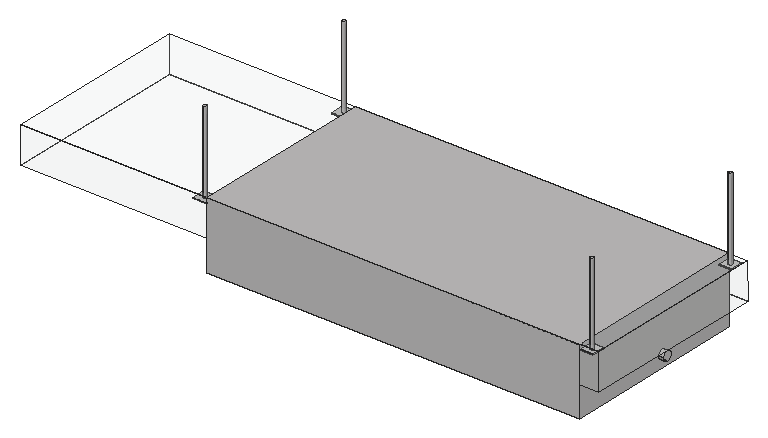
Revit family "Air_Conditioner-Mitsubishi_Electric-Ceiling_Concealed-Ducted-PEAD_Series", category Mechanical Equipment, Revit 2012
Parameters (values of type "42000 Btu/h")
  z Type = 12
  z Threaded Rod Length Desired [instance] = 12.000"
  z Threaded Rod Length Actual [instance] = if(z Threaded Rod Length Desired < 6.000", 6.000", z Threaded Rod Length Desired)  # 12.000"
  z Refrigerant 2 Z Axis [instance] = if(or(z Type = 1, z Type = 2, z Type = 3, z Type = 4, z Type = 13, z Type = 14, z Type = 15, z Type = 16), 4.031", 4.063")  # 4.063"
  z Refrigerant 2 Pipe X Axis [instance] = if(or(z Type = 1, z Type = 2, z Type = 3, z Type = 4, z Type = 13, z Type = 14, z Type = 15, z Type = 16), 7.375", 5.375")  # 5.375"
  z Refrigerant 1 Z Axis [instance] = if(or(z Type = 1, z Type = 2, z Type = 3, z Type = 4, z Type = 13, z Type = 14, z Type = 15, z Type = 16), 4.031", 6.125")  # 6.125"
  z Refrigerant 1 X Axis [instance] = if(or(z Type = 1, z Type = 2, z Type = 3, z Type = 4, z Type = 13, z Type = 14, z Type = 15, z Type = 16), 4.594", 7.375")  # 7.375"
  z PEAD Visibliity [instance] = not(z PEA Visibility)  # yes
  z PEA Visibility [instance] = or(z Type = 1, z Type = 2, z Type = 3, z Type = 4, z Type = 13, z Type = 14, z Type = 15, z Type = 16)  # no
  z Overall Width [instance] = if(z Type = 1, 40.906", if(z Type = 2, 48.781", 0.000"))  # 0.000"
  z Liquid Refrigerant [instance] = 0.125"  # constant formula
  z Gas Pipe [instance] = if(or(z Type = 1, z Type = 2), 0.188", if(or(z Type = 3, z Type = 4), 0.250", 0.250"))  # 0.250"
  z Duct Size [instance] = if(z Type = 1, 33.875", if(z Type = 2, 41.750", if(z Type = 3, 33.875", if(z Type = 4, 41.750", if(z Type = 5, 41.750", if(z Type = 6, 41.750", if(z Type = 7, 53.563", if(z Type = 8, 53.563", if(z Type = 9, 41.750", if(z Type = 10, 41.750", if(z Type = 11, 53.563", if(z Type = 12, 53.563", if(z Type = 13, 26.000", if(z Type = 14, 33.875", if(z Type = 15, 33.875", if(z Type = 16, 41.750", 0.000"))))))))))))))))  # 53.563"
  z Duct Height = if(or(z Type = 1, z Type = 2, z Type = 3, z Type = 4, z Type = 13, z Type = 14, z Type = 15, z Type = 16), 5.906", 7.906")  # 7.906"
  z Drain Top Left Z Axis [instance] = 1.906"  # constant formula
  z Drain Top Left X Axis [instance] = if(or(z Type = 1, z Type = 2, z Type = 3, z Type = 4, z Type = 13, z Type = 14, z Type = 15, z Type = 16), 10.656", 9.375")  # 9.375"
  z Drain Top Left Radius [instance] = 1.250" / 2  # 0.625"
  z Drain Bottom Right Z Axis [instance] = if(or(z Type = 1, z Type = 2, z Type = 3, z Type = 4, z Type = 13, z Type = 14, z Type = 15, z Type = 16), 6.281", 7.875")  # 7.875"
  z Drain Bottom Right X Axis [instance] = if(or(z Type = 1, z Type = 2, z Type = 3, z Type = 4, z Type = 13, z Type = 14, z Type = 15, z Type = 16), 13.594", 12.438")  # 12.438"
  z Drain Bottom Right Radius [instance] = 1.250" / 2  # 0.625"
  z Drain Bottom Left Z Axis [instance] = if(or(z Type = 1, z Type = 2, z Type = 3, z Type = 4, z Type = 13, z Type = 14, z Type = 15, z Type = 16), 6.719", 8.563")  # 8.563"
  z Drain Bottom Left X Axis [instance] = if(or(z Type = 1, z Type = 2, z Type = 3, z Type = 4, z Type = 13, z Type = 14, z Type = 15, z Type = 16), 10.656", 14.016")  # 14.016"
  z Drain Bottom Left Radius [instance] = 1.250" / 2  # 0.625"
  z Clip Width [instance] = if(z Type = 1, 39.313", if(z Type = 2, 47.188", if(z Type = 3, 39.313", if(z Type = 4, 47.188", if(z Type = 5, 47.250", if(z Type = 6, 47.250", if(z Type = 7, 59.063", if(z Type = 8, 59.063", if(z Type = 9, 47.250", if(z Type = 10, 47.250", if(z Type = 11, 59.063", if(z Type = 12, 59.063", if(z Type = 13, 31.438", if(z Type = 14, 39.313", if(z Type = 15, 39.313", if(z Type = 16, 47.188", 0.000"))))))))))))))))  # 59.063"
  Width = if(z Type = 1, 35.438", if(z Type = 2, 43.313", if(z Type = 3, 35.438", if(z Type = 4, 43.313", if(z Type = 5, 43.313", if(z Type = 6, 43.313", if(z Type = 7, 55.125", if(z Type = 8, 55.125", if(z Type = 9, 43.313", if(z Type = 10, 43.313", if(z Type = 11, 55.125", if(z Type = 12, 55.125", if(z Type = 13, 27.563", if(z Type = 14, 35.438", if(z Type = 15, 35.438", if(z Type = 16, 43.313", 0.000"))))))))))))))))  # 55.125"
  Weight [instance] = if(z Type = 1, 48.00 lbf, if(z Type = 2, 62.00 lbf, if(z Type = 3, 48.00 lbf, if(z Type = 4, 62.00 lbf, if(z Type = 5, 73.00 lbf, if(z Type = 6, 73.00 lbf, if(z Type = 7, 91.00 lbf, if(z Type = 8, 95.00 lbf, if(z Type = 9, 73.00 lbf, if(z Type = 10, 73.00 lbf, if(z Type = 11, 91.00 lbf, if(z Type = 12, 95.00 lbf, if(z Type = 13, 42.00 lbf, if(z Type = 14, 50.00 lbf, if(z Type = 15, 54.00 lbf, if(z Type = 16, 62.00 lbf, 0.00 lbf))))))))))))))))  # 95.00 lbf
  Voltage = 230 V  # constant formula
  URL = "http://www.mitsubishipro.com"
  Total Heating Capacity = if(z Type = 1, 0 VA, if(z Type = 2, 0 VA, if(z Type = 3, 0 VA, if(z Type = 4, 5568.35 VA, if(z Type = 5, 0 VA, if(z Type = 6, 0 VA, if(z Type = 7, 0 VA, if(z Type = 8, 0 VA, if(z Type = 9, 7619.85 VA, if(z Type = 10, 9378.27 VA, if(z Type = 11, 10843.6 VA, if(z Type = 12, 13188.2 VA, if(z Type = 13, 3194.47 VA, if(z Type = 14, 3985.77 VA, if(z Type = 15, 527.53 VA, if(z Type = 16, 6330.34 VA, 0 VA))))))))))))))))  # 45000.0 Btu/h
  Total Cooling Capacity = if(z Type = 1, 3516.85 VA, if(z Type = 2, 5275.28 VA, if(z Type = 3, 3516.85 VA, if(z Type = 4, 5275.28 VA, if(z Type = 5, 7033.71 VA, if(z Type = 6, 8792.13 VA, if(z Type = 7, 10257.5 VA, if(z Type = 8, 12309 VA, if(z Type = 9, 7033.71 VA, if(z Type = 10, 8792.13 VA, if(z Type = 11, 10257.5 VA, if(z Type = 12, 12309 VA, if(z Type = 13, 2373.88 VA, if(z Type = 14, 3370.32 VA, if(z Type = 15, 4132.3 VA, if(z Type = 16, 5040.82 VA, 0 VA))))))))))))))))  # 42000.0 Btu/h
  Sound Pressure Level = if(z Type = 1, 33, if(z Type = 2, 38, if(z Type = 3, 33, if(z Type = 4, 38, if(z Type = 5, 37, if(z Type = 6, 39, if(z Type = 7, 42, if(z Type = 8, 44, if(z Type = 9, 37, if(z Type = 10, 39, if(z Type = 11, 44, if(z Type = 12, 42, if(z Type = 13, 30, if(z Type = 14, 33, if(z Type = 15, 37, if(z Type = 16, 38, 0))))))))))))))))  # 42
  Provide Feedback = "https://www.surveymonkey.com/s/ZNF8NG2"
  Product Page URL = "http://usa.mylinkdrive.com/m/PEAD-A42AA4"
  Product Material = Steel - Mitsubishi - Galvanized
  Threaded Rod Length [instance] = z Threaded Rod Length Actual * 4  # 48.000"
  Product Documentation Link = "http://usa.mylinkdrive.com/uploads/documents/3976/document/PEAD-A42AA4_PUZ-A42NHA5_(-BS)_Submittal-GOLD.pdf"
  Power Factor = 1
  Part Number [instance] = Model  # "PEAD-A42AA4"
  Part Description = Description  # "Mitsubishi Electric 42000 Btu/h, Ceiling Concealed-Ducted, PEAD Series Air Conditioner"
  Original Creation Date = "September 18, 2013"  # constant formula
  Model Disclaimer = "For More Information, Contact Mitsubishi Electric"  # constant formula
  Model = if(z Type = 1, "PEA-A12AA4", if(z Type = 2, "PEA-A18AA4", if(z Type = 3, "PEA-A12AA4", if(z Type = 4, "PEA-A18AA4", if(z Type = 5, "PEAD-A24AA4", if(z Type = 6, "PEAD-A30AA4", if(z Type = 7, "PEAD-A36AA4", if(z Type = 8, "PEAD-A42AA4", if(z Type = 9, "PEAD-A24AA4", if(z Type = 10, "PEAD-A30AA4", if(z Type = 11, "PEAD-A36AA4", if(z Type = 12, "PEAD-A42AA4", if(z Type = 13, "SEZ-KD09AA4", if(z Type = 14, "SEZ-KD12AA4", if(z Type = 15, "SEZ-KD15AA4", if(z Type = 16, "SEZ-KD18AA4", "Not Available"))))))))))))))))  # "PEAD-A42AA4"
  Minimum Circuit Ampacity = if(z Type = 1, 1 A, if(z Type = 2, 2 A, if(z Type = 3, 1 A, if(z Type = 4, 2 A, if(z Type = 5, 2.63 A, if(z Type = 6, 2.73 A, if(z Type = 7, 3.3 A, if(z Type = 8, 3.5 A, if(z Type = 9, 2.63 A, if(z Type = 10, 2.73 A, if(z Type = 11, 3.5 A, if(z Type = 12, 3.3 A, if(z Type = 13, 1 A, if(z Type = 14, 1 A, if(z Type = 15, 1 A, if(z Type = 16, 1 A, 0 A))))))))))))))))  # 3.3 A
  Maximum Overcurrent Protection = if(z Type = 1, 15 A, if(z Type = 2, 15 A, if(z Type = 3, 15 A, if(z Type = 4, 15 A, if(z Type = 5, 25 A, if(z Type = 6, 30 A, if(z Type = 7, 30 A, if(z Type = 8, 30 A, if(z Type = 9, 25 A, if(z Type = 10, 30 A, if(z Type = 11, 30 A, if(z Type = 12, 30 A, if(z Type = 13, 15 A, if(z Type = 14, 15 A, if(z Type = 15, 15 A, if(z Type = 16, 15 A, 0 A))))))))))))))))  # 30 A
  Manufacturer = "Mitsubishi Electric"  # constant formula
  Load Classification = none
  Length = if(or(z Type = 1, z Type = 2, z Type = 3, z Type = 4, z Type = 13, z Type = 14, z Type = 15, z Type = 16), 7.825", 9.825")  # 9.825"
  Height = if(or(z Type = 1, z Type = 2, z Type = 3, z Type = 4, z Type = 13, z Type = 14, z Type = 15, z Type = 16), 26.657", 27.563")  # 27.563"
  Has Clearance Area [instance] = yes
  Frequency = 60 Hz  # constant formula
  Family Version = "1.0.0"  # constant formula
  Equipment Number [instance] = ""
  Equipment Abbreviation = "AC"
  Description = if(z Type = 1, "Mitsubishi Electric 12000 Btu/h, Ceiling Concealed-Ducted, PEA Series Air Conditioner", if(z Type = 2, "Mitsubishi Electric 18000 Btu/h, Ceiling Concealed-Ducted, PEA Series Air Conditioner", if(z Type = 3, "Mitsubishi Electric 12000 Btu/h, Ceiling Concealed-Ducted, PEA Series Air Conditioner", if(z Type = 4, "Mitsubishi Electric 18000 Btu/h, Ceiling Concealed-Ducted, PEA Series Air Conditioner", if(z Type = 5, "Mitsubishi Electric 24000 Btu/h, Ceiling Concealed-Ducted, PEAD Series Air Conditioner", if(z Type = 6, "Mitsubishi Electric 30000 Btu/h, Ceiling Concealed-Ducted, PEAD Series Air Conditioner", if(z Type = 7, "Mitsubishi Electric 35000 Btu/h, Ceiling Concealed-Ducted, PEAD Series Air Conditioner", if(z Type = 8, "Mitsubishi Electric 42000 Btu/h, Ceiling Concealed-Ducted, PEAD Series Air Conditioner", if(z Type = 9, "Mitsubishi Electric 24000 Btu/h, Ceiling Concealed-Ducted, PEAD Series Air Conditioner", if(z Type = 10, "Mitsubishi Electric 30000 Btu/h, Ceiling Concealed-Ducted, PEAD Series Air Conditioner", if(z Type = 11, "Mitsubishi Electric 35000 Btu/h, Ceiling Concealed-Ducted, PEAD Series Air Conditioner", if(z Type = 12, "Mitsubishi Electric 42000 Btu/h, Ceiling Concealed-Ducted, PEAD Series Air Conditioner", if(z Type = 13, "Mitsubishi Electric 8100 Btu/h, Ceiling Concealed-Ducted, SEZ Series Air Conditioner", if(z Type = 14, "Mitsubishi Electric 11500 Btu/h, Ceiling Concealed-Ducted, SEZ Series Air Conditioner", if(z Type = 15, "Mitsubishi Electric 14100 Btu/h, Ceiling Concealed-Ducted, SEZ Series Air Conditioner", if(z Type = 16, "Mitsubishi Electric 17200 Btu/h, Ceiling Concealed-Ducted, SEZ Series Air Conditioner", "Not Available"))))))))))))))))  # "Mitsubishi Electric 42000 Btu/h, Ceiling Concealed-Ducted, PEAD Series Air Conditioner"
  Date Last Modified = "September 18, 2013"  # constant formula
  Copyright = "Copyright © 2013 Mitsubishi Electric"  # constant formula
  Apparent Load = Voltage * Minimum Circuit Ampacity  # 759 VA
Types (5): name | z Type | z Duct Size | z Clip Width | Width | Weight | Total Heating Capacity | Total Cooling Capacity | Sound Pressure Level | Product Page URL | Product Documentation Link | Part Number | Part Description | Model | Minimum Circuit Ampacity | Maximum Overcurrent Protection | Description | Apparent Load
  (no name) | 12 | 53.563" | 59.063" | 55.125" | 95.00 lbf | 45000.0 Btu/h | 42000.0 Btu/h | 42 | "http://usa.mylinkdrive.com/m/PEAD-A42AA4" | "http://usa.mylinkdrive.com/uploads/documents/3976/document/PEAD-A42AA4_PUZ-A42NHA5_(-BS)_Submittal-GOLD.pdf" | "PEAD-A42AA4" | "Mitsubishi Electric 42000 Btu/h, Ceiling Concealed-Ducted, PEAD Series Air Conditioner" | "PEAD-A42AA4" | 3.3 A | 30 A | "Mitsubishi Electric 42000 Btu/h, Ceiling Concealed-Ducted, PEAD Series Air Conditioner" | 759 VA
  24000 Btu/h | 9 | 41.750" | 47.250" | 43.313" | 73.00 lbf | 26000.0 Btu/h | 24000.0 Btu/h | 37 | "http://usa.mylinkdrive.com/m/PEAD-A24AA4" | "http://usa.mylinkdrive.com/uploads/documents/500/document/PEAD-A24AA4_PUY-A24NHA4_(-BS)_Submittal-GOLD.pdf" | "PEAD-A24AA4" | "Mitsubishi Electric 24000 Btu/h, Ceiling Concealed-Ducted, PEAD Series Air Conditioner" | "PEAD-A24AA4" | 2.63 A | 25 A | "Mitsubishi Electric 24000 Btu/h, Ceiling Concealed-Ducted, PEAD Series Air Conditioner" | 604.9 VA
  30000 Btu/h | 10 | 41.750" | 47.250" | 43.313" | 73.00 lbf | 32000.0 Btu/h | 30000.0 Btu/h | 39 | "http://usa.mylinkdrive.com/m/PEAD-A30AA4" | "http://usa.mylinkdrive.com/uploads/documents/1672/document/PEAD-A30AA4_PUY-A30NHA4_(-BS)_Submittal-GOLD.pdf" | "PEAD-A30AA4" | "Mitsubishi Electric 30000 Btu/h, Ceiling Concealed-Ducted, PEAD Series Air Conditioner" | "PEAD-A30AA4" | 2.73 A | 30 A | "Mitsubishi Electric 30000 Btu/h, Ceiling Concealed-Ducted, PEAD Series Air Conditioner" | 627.9 VA
  36000 Btu/h | 11 | 53.563" | 59.063" | 55.125" | 91.00 lbf | 37000.0 Btu/h | 35000.0 Btu/h | 44 | "http://usa.mylinkdrive.com/m/PEAD-A36AA4" | "http://usa.mylinkdrive.com/uploads/documents/1676/document/PEAD-A36AA4_PUY-A36NHA4_(-BS)_Submittal-GOLD.pdf" | "PEAD-A36AA4" | "Mitsubishi Electric 35000 Btu/h, Ceiling Concealed-Ducted, PEAD Series Air Conditioner" | "PEAD-A36AA4" | 3.5 A | 30 A | "Mitsubishi Electric 35000 Btu/h, Ceiling Concealed-Ducted, PEAD Series Air Conditioner" | 805 VA
  42000 Btu/h | 12 | 53.563" | 59.063" | 55.125" | 95.00 lbf | 45000.0 Btu/h | 42000.0 Btu/h | 42 | "http://usa.mylinkdrive.com/m/PEAD-A42AA4" | "http://usa.mylinkdrive.com/uploads/documents/3976/document/PEAD-A42AA4_PUZ-A42NHA5_(-BS)_Submittal-GOLD.pdf" | "PEAD-A42AA4" | "Mitsubishi Electric 42000 Btu/h, Ceiling Concealed-Ducted, PEAD Series Air Conditioner" | "PEAD-A42AA4" | 3.3 A | 30 A | "Mitsubishi Electric 42000 Btu/h, Ceiling Concealed-Ducted, PEAD Series Air Conditioner" | 759 VA
Reference planes (in)
  plane 1 "Center (Front/Back)": y = 0
  plane 2: z = 0
  plane 3 "Center (Left/Right)": x = 0
  plane 4 "Bottom of Unit": z = 0.8125
  plane 5 "Top of Unit": z = 10.6375
  plane 6 "Unit Left": x = -27.5625
  plane 7 "Unit Right": x = 27.5625
  plane 8 "Unit Back": y = 13.7815
  plane 9 "Unit Front": y = -13.7815
  plane 10: y = 11.8127
  plane 11: y = -11.8125
  plane 12: x = -29.5315
  plane 13: x = 29.5315
  plane 14: x = -33.03125
  plane 15: y = 0.9055
  plane 16 "Circuit Box Front": y = -10.9855
  plane 17: x = -55.08075
  plane 18 "Bracket Top": z = 10.0469
  plane 19 "Bracket Bottom": z = 9.9219
  plane 20 "Back Lip": y = 14.68775
  plane 21: x = 26.7815
  plane 22: x = 26.6565
  plane 23: x = -26.7815
  plane 24: x = -26.6565
  plane 25: z = 1.772
  plane 26: z = 1.897
  plane 27: z = 9.678
  plane 28: z = 9.553
  plane 29: x = -28.5625
  plane 30: x = -28.4475
  plane 31: x = 28.4475
  plane 32 "Pole Center Vertical 1": x = -28.56275
  plane 33 "Pole Center Vertical 2": x = 28.56275
  plane 34 "Pole Center Horizontal 2": y = -12.797
  plane 35 "Pole Center Horizonatal 1": y = 12.7971
  plane 36: z = 0
  plane 37: x = 30.4475
  plane 38: y = 8.6565
  plane 39: y = 8.1565
  plane 40: y = 6.5315
  plane 41: y = 6.2815
  plane 42: y = 8.4065
  plane 43: y = 6.4065
  plane 44: y = 5.0315
  plane 45: y = 3.7815
  plane 46: y = 4.4065
  plane 47: y = 0.3905
  plane 48: y = -0.8595
  plane 49: y = -0.2345
  plane 50: y = 0.7185
  plane 51: y = 1.9685
  plane 52: y = 1.3435
  plane 53: z = 22.0469
Forms (in)
  Extrusion 1, solid, material "Steel - Mitsubishi - Galvanized" <- "Product Material"
    sketch origin (0, 0, 0.8125) x (0, 1, 0) y (-1, 0, 0)
      loop
        line (13.7815, 27.5625) -> (-13.7815, 27.5625) -> (-13.7815, -27.5625) -> (13.7815, -27.5625) -> (13.7815, 27.5625)
    from 0 to 9.825
  Extrusion 2, solid, material "Steel - Mitsubishi - Galvanized" <- "Product Material"
    sketch origin (0, 0, 9.9219) x (0, 1, 0) y (-1, 0, 0)
      loop
        line (11.8127, -29.5315) -> (13.7815, -29.5315) -> (13.7815, -27.5625) -> (11.8127, -27.5625) -> (11.8127, -29.5315)
      loop
        line (-11.8125, -29.5315) -> (-11.8125, -27.5625) -> (-13.7815, -27.5625) -> (-13.7815, -29.5315) -> (-11.8125, -29.5315)
      loop
        line (11.8127, 29.5315) -> (11.8127, 27.5625) -> (13.7815, 27.5625) -> (13.7815, 29.5315) -> (11.8127, 29.5315)
      loop
        line (-11.8125, 29.5315) -> (-13.7815, 29.5315) -> (-13.7815, 27.5625) -> (-11.8125, 27.5625) -> (-11.8125, 29.5315)
    from 0 to 0.125
  Extrusion 3, solid, material "Steel - Mitsubishi - Galvanized" <- "Product Material", visible <- "z PEA Visibility", detail levels medium+fine
    sketch origin (0, 0, 0.8125) x (0, 1, 0) y (-1, 0, 0)
      loop
        line (0.9055, 33.03125) -> (-10.9855, 33.03125) -> (-10.9855, 27.5625) -> (0.9055, 27.5625) -> (0.9055, 33.03125)
    from 0 to 9.825
  Extrusion 4, solid, material "Clearance Areas", visible <- "Has Clearance Area"
    sketch origin (0.0364, -0.0618, 6) x (0, 1, 0) y (-1, 0, 0)
      loop
        line (-13.7197, -30.4111) -> (13.8433, -30.4111) -> (13.8433, 55.11715) -> (-13.7197, 55.11715) -> (-13.7197, -30.4111)
    from -0.8125 to 4.6375
  Extrusion 5, solid, material "Steel - Mitsubishi - Galvanized" <- "Product Material"
    sketch origin (-27.5625, 0, -0.0506) x (0, 1, 0) y (0, 0, 1)
      loop
        circle (8.4065, 6.6251) r 0.25
    from 0 to -0.885
  Extrusion 6, solid, material "Steel - Mitsubishi - Galvanized" <- "Product Material"
    sketch origin (-27.5625, -2.7585, -0.0506) x (0, 1, 0) y (0, 0, 1)
      loop
        circle (9.165, 4.5631) r 0.125
    from 0 to -0.885
  Extrusion 7, solid, material "Steel - Mitsubishi - Galvanized" <- "Product Material"
    sketch origin (-27.5625, 0, 0) x (0, 1, 0) y (0, 0, 1)
      loop
        circle (-0.2345, 2.0745) r 0.625
    from 0 to -1
  Extrusion 8, solid, material "Steel - Mitsubishi - Galvanized" <- "Product Material"
    sketch origin (27.5625, 0, 0) x (0, 1, 0) y (0, 0, 1)
      loop
        circle (1.3435, 2.7625) r 0.625
    from 0 to 0.885
  Extrusion 9, solid, material "Steel - Mitsubishi - Galvanized" <- "Product Material"
    sketch origin (-27.5625, 0, 0) x (0, 1, 0) y (0, 0, 1)
      loop
        circle (4.4065, 8.7315) r 0.625
    from 0 to -1
  Extrusion 10, solid, material "Steel - Mitsubishi - Galvanized" <- "Product Material", detail levels fine
    sketch origin (0, 14.68775, 0) x (1, 0, 0) y (0, 0, 1)
      loop
        line (26.7815, 9.678) -> (-26.7815, 9.678) -> (-26.7815, 1.772) -> (26.7815, 1.772) -> (26.7815, 9.678)
    from 0 to 0.90625
  Extrusion 11, solid, material "Steel - Mitsubishi - Galvanized" <- "Product Material"
    sketch origin (0, 0, 10.0469) x (0, 1, 0) y (-1, 0, 0)
      loop
        circle (12.7971, 28.56275) r 0.25
      loop
        circle (12.7971, -28.56275) r 0.25
      loop
        circle (-12.797, -28.56275) r 0.25
      loop
        circle (-12.797, 28.56275) r 0.25
    from -0.125 to 12
Lines and regions (in)
  Masking region 1
    outline origin (0, 0, 0.8125) x (0, 1, 0) y (-1, 0, 0)
      loop
        line (13.7815, 27.5625) -> (-13.7815, 27.5625) -> (-13.7815, -27.5625) -> (13.7815, -27.5625) -> (13.7815, 27.5625)
  Masking region 2
    outline origin (0, 0, 0.8125) x (0, 1, 0) y (-1, 0, 0)
      loop
        line (-11.8125, 29.5315) -> (-13.7815, 29.5315) -> (-13.7815, 27.5625) -> (-11.8125, 27.5625) -> (-11.8125, 29.5315)
      loop
        line (13.7815, 29.5315) -> (11.8127, 29.5315) -> (11.8127, 27.5625) -> (13.7815, 27.5625) -> (13.7815, 29.5315)
      loop
        line (13.7815, -27.5625) -> (11.8127, -27.5625) -> (11.8127, -29.5315) -> (13.7815, -29.5315) -> (13.7815, -27.5625)
      loop
        line (-11.8125, -27.5625) -> (-13.7815, -27.5625) -> (-13.7815, -29.5315) -> (-11.8125, -29.5315) -> (-11.8125, -27.5625)
  Masking region 3, visible <- "z PEA Visibility"
    outline origin (0, 0, 0.8125) x (0, 1, 0) y (-1, 0, 0)
      loop
        line (0.9055, 33.03125) -> (-10.9855, 33.03125) -> (-10.9855, 27.5625) -> (0.9055, 27.5625) -> (0.9055, 33.03125)
  Masking region 4
    outline origin (0, 0, 0.8125) x (0, 1, 0) y (-1, 0, 0)
      loop
        line (-0.8595, 28.5625) -> (-0.8595, 27.5625) -> (0.3905, 27.5625) -> (0.3905, 28.5625) -> (-0.8595, 28.5625)
      loop
        line (6.2815, 28.4475) -> (6.2815, 27.5625) -> (6.5315, 27.5625) -> (6.5315, 28.4475) -> (6.2815, 28.4475)
      loop
        line (8.1565, 28.4475) -> (8.1565, 27.5625) -> (8.6565, 27.5625) -> (8.6565, 28.4475) -> (8.1565, 28.4475)
      loop
        line (0.7185, -28.4475) -> (1.9685, -28.4475) -> (1.9685, -27.5625) -> (0.7185, -27.5625) -> (0.7185, -28.4475)
  Masking region 5
    outline origin (0, 0, 0.8125) x (0, 1, 0) y (-1, 0, 0)
      loop
        line (5.0315, 28.5625) -> (3.7815, 28.5625) -> (3.7815, 27.5625) -> (5.0315, 27.5625) -> (5.0315, 28.5625)
  model lines, detail levels fine
    curve 1: line (-26.7745, -13.7815, 1.6245) -> (-26.7745, -13.7815, 9.825)
    curve 2: line (26.7744, -13.7815, 9.825) -> (-26.7745, -13.7815, 9.825)
    curve 3: line (-26.7745, -13.7815, 1.6245) -> (26.7744, -13.7815, 1.6245)
    curve 4: line (26.7744, -13.7815, 1.6245) -> (26.7744, -13.7815, 9.825)
  model lines, visible <- "z PEA Visibility", detail levels fine
    curve 5: circle (-29.3745, -10.9855, 3.9917) r 0.547 normal (0, 1, 0)
    curve 6: circle (-29.3745, -10.9855, 1.4917) r 0.547 normal (0, 1, 0)
  reference lines
    curve 7: line (-29.06275, 12.7971, 22.0469) -> (-28.03125, 12.7971, 22.0469)
    curve 8: line (-29.06275, -12.797, 22.0469) -> (-28.03125, -12.797, 22.0469)
    curve 9: line (28.03075, 12.7971, 22.0469) -> (29.06225, 12.7971, 22.0469)
    curve 10: line (28.03075, -12.797, 22.0469) -> (29.06225, -12.797, 22.0469)
  model lines, visible <- "z PEAD Visibliity"
    curve 11: circle (27.5625, -7.719, 5.2625) r 2.46875 normal (1, 0, 0)
  symbolic lines, style "Clearance Areas", visible <- "Has Clearance Area"
    curve 12: line (30.4475, -13.7815, 0.8125) -> (-55.08075, -13.7815, 0.8125)
    curve 13: line (30.4475, 13.7815, 0.8125) -> (30.4475, -13.7815, 0.8125)
    curve 14: line (-55.08075, 13.7815, 0.8125) -> (30.4475, 13.7815, 0.8125)
    curve 15: line (-55.08075, -13.7815, 0.8125) -> (-55.08075, 13.7815, 0.8125)
  symbolic lines, style "Clearance Area", visible <- "Has Clearance Area"
    curve 16: line (-55.08075, -10.9855, 10.6375) -> (30.4475, -10.9855, 10.6375)
    curve 17: line (-55.08075, -10.9855, 0) -> (-55.08075, -10.9855, 10.6375)
    curve 18: line (30.4475, -10.9855, 0) -> (-55.08075, -10.9855, 0)
    curve 19: line (30.4475, -10.9855, 10.6375) -> (30.4475, -10.9855, 0)
    curve 20: line (27.5625, -13.7815, 10.6375) -> (27.5625, 14.68775, 10.6375)
    curve 21: line (27.5625, -13.7815, 0) -> (27.5625, -13.7815, 10.6375)
    curve 22: line (27.5625, 14.68775, 0) -> (27.5625, -13.7815, 0)
    curve 23: line (27.5625, 14.68775, 10.6375) -> (27.5625, 14.68775, 0)
Dimensions and locks (in)
  equal spacing: plane 8 "Unit Back", plane 1 "Center (Front/Back)", plane 9 "Unit Front"
  "Height": plane 8 "Unit Back" to plane 9 "Unit Front"
  equal spacing: plane 6 "Unit Left", plane 3 "Center (Left/Right)", plane 7 "Unit Right"
  "Width": plane 6 "Unit Left" to plane 7 "Unit Right"
  locked: plane 11 to plane 9 "Unit Front" at 1.969
  locked: plane 8 "Unit Back" to plane 10 at 1.9688
  locked: plane 20 "Back Lip" to plane 8 "Unit Back" at 0.90625
  locked: plane 23 to plane 24 at 0.125
  locked: plane 22 to plane 21 at 0.125
  "z Duct Size": plane 23 to plane 21
  equal spacing: plane 23, plane 3 "Center (Left/Right)", plane 21
  equal spacing: plane 12, plane 3 "Center (Left/Right)", plane 13
  "z Clip Width": plane 12 to plane 13
  plane 29 to plane 30 to plane 6 "Unit Left" = 0.115" locked, 0.885" locked
  locked: plane 7 "Unit Right" to plane 31 at 0.885
  plane 12 to plane 6 "Unit Left" = 1.969"
  locked: plane 17 to plane 14 at 22.0495
  "z Drain Bottom Left X Axis": plane 8 "Unit Back" to Extrusion 7 sketch curve
  "z Drain Top Left X Axis": plane 8 "Unit Back" to Extrusion 9 sketch curve
  "z Refrigerant 1 X Axis": plane 8 "Unit Back" to Extrusion 6 sketch curve
  locked: plane 12 to plane 32 "Pole Center Vertical 1" at 0.96875
  locked: plane 33 "Pole Center Vertical 2" to plane 13 at 0.96875
  "z Threaded Rod Length Desired": curve 10 to plane 18 "Bracket Top"
  "z Threaded Rod Length Desired": curve 9 to plane 18 "Bracket Top"
  "z Threaded Rod Length Desired": curve 8 to plane 18 "Bracket Top"
  "z Threaded Rod Length Desired": curve 7 to plane 18 "Bracket Top"
  locked: plane 14 to plane 6 "Unit Left" at 5.46875
  plane 26 to plane 25 to plane 4 "Bottom of Unit" = 0.125" locked, 0.9595" locked
  locked: plane 27 to plane 28 at 0.125
  locked: plane 19 "Bracket Bottom" to plane 27 at 0.2439
  locked: plane 18 "Bracket Top" to plane 19 "Bracket Bottom" at 0.125
  locked: plane 5 "Top of Unit" to plane 18 "Bracket Top" at 0.5906
  "Length": plane 5 "Top of Unit" to plane 4 "Bottom of Unit"
  locked: plane 35 "Pole Center Horizonatal 1" to plane 10 at 0.9844
  locked: plane 11 to plane 34 "Pole Center Horizontal 2" at 0.9845
  "z Refrigerant 2 Pipe X Axis": plane 8 "Unit Back" to Extrusion 5 sketch curve
  "z Refrigerant 2 Z Axis": plane 5 "Top of Unit" to Extrusion 5 sketch curve
  "z Refrigerant 1 Z Axis": plane 5 "Top of Unit" to Extrusion 6 sketch curve
  "z Drain Top Left Z Axis": plane 5 "Top of Unit" to Extrusion 9 sketch curve
  "z Drain Bottom Left Z Axis": plane 5 "Top of Unit" to Extrusion 7 sketch curve
  "z Drain Bottom Right X Axis": Extrusion 8 sketch curve to plane 8 "Unit Back"
  "z Drain Bottom Right Z Axis": plane 5 "Top of Unit" to Extrusion 8 sketch curve
  plane 25 to plane 27 = 7.906"
  locked: plane 4 "Bottom of Unit" to plane 36 at 0.8125
  locked: plane 31 to plane 37 at 2
  equal spacing: plane 38, plane 42, plane 39
  equal spacing: plane 40, plane 43, plane 41
  equal spacing: plane 44, plane 46, plane 45
  equal spacing: plane 47, plane 49, plane 48
  "z Refrigerant 2 Pipe X Axis": plane 8 "Unit Back" to plane 42
  "z Refrigerant 1 X Axis": plane 8 "Unit Back" to plane 43
  "z Drain Bottom Left X Axis": plane 8 "Unit Back" to plane 49
  "z Drain Bottom Left Radius": plane 49 to plane 48
  "z Drain Top Left Radius": plane 46 to plane 45
  "z Liquid Refrigerant": plane 43 to plane 41
  "z Gas Pipe": plane 42 to plane 39
  equal spacing: plane 50, plane 52, plane 51
  "z Drain Bottom Right Radius": plane 50 to plane 52
  "z Drain Bottom Right X Axis": plane 52 to plane 8 "Unit Back"
  locked: plane 9 "Unit Front" to curve 11 at 6.0625
  locked: plane 5 "Top of Unit" to curve 11 at 5.375
  "z Drain Top Left X Axis": plane 8 "Unit Back" to plane 46
  "z Threaded Rod Length Actual": plane 53 to plane 18 "Bracket Top"
  "z Gas Pipe": radius of Extrusion 5 sketch curve
  "z Liquid Refrigerant": radius of Extrusion 6 sketch curve
  "z Drain Top Left Radius": radius of Extrusion 9 sketch curve
  "z Drain Bottom Left Radius": radius of Extrusion 7 sketch curve
  "z Drain Bottom Right Radius": radius of Extrusion 8 sketch curve
  aligned and locked: plane 2 to level
  aligned and locked: Extrusion 1 sketch curve to plane 8 "Unit Back"
  aligned and locked: plane 6 "Unit Left" to Extrusion 1 sketch curve
  aligned and locked: plane 9 "Unit Front" to Extrusion 1 sketch curve
  aligned and locked: Extrusion 1 sketch curve to plane 7 "Unit Right"
  aligned and locked: plane 5 "Top of Unit" to Extrusion 1
  aligned and locked: Extrusion 1 to plane 4 "Bottom of Unit"
  aligned and locked: plane 9 "Unit Front" to Extrusion 2 sketch curve
  aligned and locked: plane 12 to Extrusion 2 sketch curve
  aligned and locked: Extrusion 2 sketch curve to plane 11
  aligned and locked: Extrusion 2 sketch curve to plane 6 "Unit Left"
  aligned and locked: plane 13 to Extrusion 2 sketch curve
  aligned and locked: Extrusion 2 sketch curve to plane 9 "Unit Front"
  aligned and locked: Extrusion 2 sketch curve to plane 7 "Unit Right"
  aligned and locked: plane 11 to Extrusion 2 sketch curve
  aligned and locked: Extrusion 2 sketch curve to plane 8 "Unit Back"
  aligned and locked: Extrusion 2 sketch curve to plane 13
  aligned and locked: plane 10 to Extrusion 2 sketch curve
  aligned and locked: plane 7 "Unit Right" to Extrusion 2 sketch curve
  aligned and locked: Extrusion 2 sketch curve to plane 12
  aligned and locked: plane 8 "Unit Back" to Extrusion 2 sketch curve
  aligned and locked: plane 6 "Unit Left" to Extrusion 2 sketch curve
  aligned and locked: Extrusion 2 sketch curve to plane 10
  aligned and locked: Extrusion 3 sketch curve to plane 15
  aligned and locked: plane 14 to Extrusion 3 sketch curve
  aligned and locked: plane 16 "Circuit Box Front" to Extrusion 3 sketch curve
  aligned and locked: Extrusion 3 sketch curve to plane 6 "Unit Left"
  aligned and locked: plane 5 "Top of Unit" to Extrusion 3
  aligned and locked: Extrusion 3 to plane 4 "Bottom of Unit"
  aligned and locked: Extrusion 4 sketch curve to plane 17
  aligned and locked: Extrusion 4 sketch curve to plane 8 "Unit Back"
  aligned and locked: plane 9 "Unit Front" to Extrusion 4 sketch curve
  aligned and locked: Extrusion 10 to plane 23
  aligned and locked: plane 21 to Extrusion 10
  aligned and locked: plane 6 "Unit Left" to Extrusion 5
  aligned and locked: plane 6 "Unit Left" to Extrusion 6
  aligned and locked: plane 6 "Unit Left" to Extrusion 9
  aligned and locked: plane 29 to Extrusion 9
  aligned and locked: plane 29 to Extrusion 7
  aligned and locked: Extrusion 6 to plane 30
  aligned and locked: Extrusion 5 to plane 30
  aligned and locked: Extrusion 8 to plane 31
  aligned and locked: Extrusion 8 to plane 7 "Unit Right"
  aligned and locked: Extrusion 10 to plane 20 "Back Lip"
  aligned and locked: Extrusion 10 to plane 8 "Unit Back"
  aligned and locked: plane 32 "Pole Center Vertical 1" to Extrusion 11 sketch curve  (x2)
  aligned and locked: plane 35 "Pole Center Horizonatal 1" to Extrusion 11 sketch curve  (x2)
  aligned and locked: plane 33 "Pole Center Vertical 2" to Extrusion 11 sketch curve  (x2)
  aligned and locked: plane 34 "Pole Center Horizontal 2" to Extrusion 11 sketch curve  (x2)
  aligned and locked: Masking region 1 sketch curve to plane 7 "Unit Right"
  aligned and locked: plane 9 "Unit Front" to Masking region 1 sketch curve
  aligned and locked: plane 6 "Unit Left" to Masking region 1 sketch curve
  aligned and locked: Masking region 1 sketch curve to plane 8 "Unit Back"
  aligned and locked: Masking region 2 sketch curve to Extrusion 2  (x12)
  aligned and locked: Masking region 2 sketch curve to Extrusion 1  (x2)
  aligned and locked: Extrusion 1 to Masking region 2 sketch curve  (x2)
  aligned and locked: Extrusion 4 to plane 37
  aligned and locked: Masking region 3 sketch curve to Extrusion 3  (x4)
  aligned and locked: plane 5 "Top of Unit" to Extrusion 4
  aligned and locked: Masking region 4 sketch curve to plane 48
  aligned and locked: Masking region 4 sketch curve to Extrusion 7  (x2)
  aligned and locked: plane 47 to Masking region 4 sketch curve
  aligned and locked: Masking region 4 sketch curve to plane 41
  aligned and locked: Masking region 4 sketch curve to Extrusion 6  (x2)
  aligned and locked: plane 40 to Masking region 4 sketch curve
  aligned and locked: Masking region 4 sketch curve to plane 39
  aligned and locked: Masking region 4 sketch curve to Extrusion 5  (x2)
  aligned and locked: plane 38 to Masking region 4 sketch curve
  aligned and locked: Masking region 4 sketch curve to plane 50
  aligned and locked: Masking region 4 sketch curve to Extrusion 8  (x2)
  aligned and locked: plane 51 to Masking region 4 sketch curve
  aligned and locked: curve 12 to Extrusion 4
  aligned and locked: curve 13 to Extrusion 4
  aligned and locked: curve 14 to Extrusion 4
  aligned and locked: curve 15 to Extrusion 4
  aligned and locked: Masking region 5 sketch curve to plane 44
  aligned and locked: Masking region 5 sketch curve to plane 29
  aligned and locked: plane 45 to Masking region 5 sketch curve
  aligned and locked: Masking region 5 sketch curve to plane 6 "Unit Left"
  aligned and locked: curve 17 to plane 17
  aligned and locked: curve 16 to plane 5 "Top of Unit"
  aligned and locked: plane 36 to curve 18
  aligned and locked: plane 37 to curve 19
  aligned and locked: plane 9 "Unit Front" to curve 21
  aligned and locked: curve 20 to plane 5 "Top of Unit"
  aligned and locked: plane 20 "Back Lip" to curve 23
  aligned and locked: plane 36 to curve 22
  aligned and locked: plane 53 to Extrusion 11
  aligned and locked: Extrusion 11 to plane 19 "Bracket Bottom"
Automatic sketch dimensions
  curve 4 to plane 7 "Unit Right" = 0.7881"
  plane 6 "Unit Left" to curve 3 = 0.788"
  plane 4 "Bottom of Unit" to curve 4 = 0.812"
  curve 2 to plane 5 "Top of Unit" = 0.8125"
  Extrusion 10 sketch curve to plane 19 "Bracket Bottom" = 0.2439"
  plane 6 "Unit Left" to Extrusion 10 sketch curve = 0.781"
  Extrusion 10 sketch curve to plane 7 "Unit Right" = 0.781"
  plane 4 "Bottom of Unit" to Extrusion 10 sketch curve = 0.9595"
  plane 30 to curve 7 = 0.41625"
  plane 12 to curve 7 = 0.46875"
  plane 30 to curve 8 = 0.41625"
  plane 12 to curve 8 = 0.46875"
  plane 31 to curve 9 = 0.41675"
  curve 9 to plane 13 = 0.46925"
  plane 31 to curve 10 = 0.41675"
  curve 10 to plane 13 = 0.46925"
  plane 14 to Extrusion 4 sketch curve = 63.47875"
  plane 12 to curve 6 = 0.157"
  plane 12 to curve 5 = 0.157"
  curve 6 to plane 25 = 0.2803"
  curve 5 to plane 26 = 2.0947"
  radius of Extrusion 11 sketch curve = 0.250"  (x4)
  radius of curve 5 = 0.547"
  radius of curve 6 = 0.547"
  radius of curve 11 = 2.46875"
Connectors (in)
  piping at (-28.5625, -0.2345, 2.0745)
    settings: on Extrusion 7, index 1, connector radius 0.621", flow factor 0, pipe flow 0 GPM, pressure drop 0.00 psi, fitting loss kfactor 0, connector angle 0.000°, fixture units 0, engagement length 0.000", flow configuration 0, flow direction 2, fitting loss method 0, system type 17, joint type 0, gender type 0, connector reference index -1, connector utility 0, adjustable connector no, is connector primary yes, fitting loss table "", connector description "Drain Spontaneous"
  piping at (-28.4475, 8.4065, 6.5745), driven by "z Gas Pipe"
    settings: on Extrusion 5, index 2, connector radius 1/4", flow factor 0, pipe flow 0 GPM, pressure drop 0.00 psi, fitting loss kfactor 0, connector angle 0.000°, fixture units 0, engagement length 0.000", flow configuration 0, flow direction 1, fitting loss method 0, system type 22, joint type 0, gender type 0, connector reference index -1, connector utility 0, adjustable connector no, is connector primary no, fitting loss table "", connector description "Refrigerant Liquid"
  piping at (-28.4475, 6.4065, 4.5125), driven by "z Liquid Refrigerant"
    settings: on Extrusion 6, index 3, connector radius 1/8", flow factor 0, pipe flow 0 GPM, pressure drop 0.00 psi, fitting loss kfactor 0, connector angle 0.000°, fixture units 0, engagement length 0.000", flow configuration 0, flow direction 1, fitting loss method 0, system type 22, joint type 0, gender type 0, connector reference index -1, connector utility 0, adjustable connector no, is connector primary no, fitting loss table "", connector description "Refrigerant Gas"
  piping at (28.4475, 1.3435, 2.7625)
    settings: on Extrusion 8, index 4, connector radius 0.658", flow factor 0, pipe flow 0 GPM, pressure drop 0.00 psi, fitting loss kfactor 0, connector angle 0.000°, fixture units 0, engagement length 0.000", flow configuration 0, flow direction 2, fitting loss method 0, system type 17, joint type 0, gender type 0, connector reference index -1, connector utility 0, adjustable connector no, is connector primary no, fitting loss table "", connector description "Drain Emergency"
  piping at (-28.5625, 4.4065, 8.7315)
    settings: on Extrusion 9, index 5, connector radius 5/8", flow factor 0, pipe flow 0 GPM, pressure drop 0.00 psi, fitting loss kfactor 0, connector angle 0.000°, fixture units 0, engagement length 0.000", flow configuration 0, flow direction 2, fitting loss method 0, system type 17, joint type 0, gender type 0, connector reference index -1, connector utility 0, adjustable connector no, is connector primary no, fitting loss table "", connector description "Drain"
  hvac at (0, 14.68775, 5.725), driven by "z Duct Size", driven by "z Duct Height"
    settings: on Extrusion 10, index 6, duct flow 0 CFM, flow factor 0, pres drop 0.00 in-wg, loss coef 0, conn angle 0.000°, conn width 53.563", conn height 7.906", conn radius 12", duct sys type 1, conn prof type 1, flow config 0, flow direction 1, loss method 0, conn ref index 8, conn util no, is conn primary yes, conn desc "Supply Air"
  electrical at (-33.03125, -5.04, 5.725), driven by "Power Factor", driven by "Apparent Load", driven by "Voltage", driven by "Load Classification", driven by "Apparent Load"
    settings: on Extrusion 3, index 7, voltage 230 V, apparent load 759 VA, apparent load phase1 759 VA, apparent load phase2 0 VA, apparent load phase3 0 VA, power factor 1, load classification none, number of poles 1, system type 30, power factor state 1, is connector primary yes, connector utility no, sub classification motor no, connector description "Electrical Connection"
  hvac at (0, -13.7815, 5.725)
    settings: on Extrusion 1, index 8, duct flow 0 CFM, flow factor 0, pres drop 0.00 in-wg, loss coef 0, conn angle 0.000°, conn width 41 3/4", conn height 6.2", conn radius 12", duct sys type 1, conn prof type 1, flow config 0, flow direction 0, loss method 0, conn ref index 6, conn util no, is conn primary no, conn desc "Return Air"
